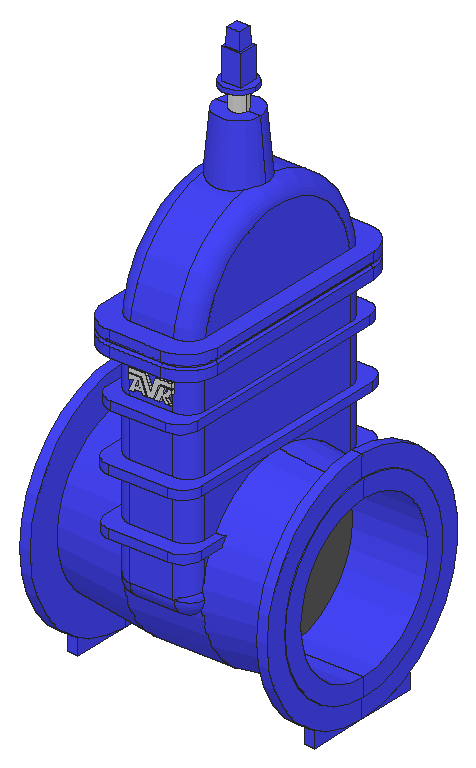
Revit family "02-75-006 DN350 Increased Bore", category Pipe Accessories, Revit 2022
Family settings
  Round Connector Dimension = Use Diameter
  Part Type = Valve - Breaks Into
  Work Plane-Based = No
  Always vertical = Yes
  Cut with Voids When Loaded = No
  Shared = No
Parameters (values of type "DN350_PN16")
  Stand_Rib_W = (H3 - H) * 0.5  # 130 mm
  Logo height = Body_H * 0.85  # 412.25 mm
  L/2 = L / 2  # 275 mm
  FL_R = Body_FL_W * 0.55  # 68.75 mm
  disk_T = Rib_W * 1.1  # 108.79 mm
  URL_product_pages = "https://www.avkvalves.com/P.aspx?no=0204075514649003"
  Stem_cap_dia = size_lookup(Search_table, "Stem_cap_dia", 0 mm, DN)  # 75 mm
  Stem_cap_H = size_lookup(Search_table, "Stem_cap_H", 0 mm, DN)  # 115 mm
  Stem_R = Stem_cap_dia * 0.55  # 41.25 mm
  Search_table = "02-75-006 DN350 Increased Bore"
  Rib_W = Body_W * 1.15  # 98.9 mm
  Rib_T = FL_T * 0.35  # 9.45 mm
  Rib_L = Body_L * 1.15  # 273.7 mm
  Rib_H = Body_H * 0.26  # 126.1 mm
  Reduced_dim1 = Body_W * 1.1  # 94.6 mm
  Increased_dim = (H3 - H) * 0.8  # 208 mm
  Raised_dis = size_lookup(Search_table, "Raised_dis", 0 mm, DN)  # 4 mm
  Raised_Dia = size_lookup(Search_table, "Raised_Dia", 0 mm, DN) / 2  # 214.5 mm
  Nut = Bonnet_dim2 * 0.85  # 41.667 mm
  L = size_lookup(Search_table, "L", 0 mm, DN)  # 550 mm
  H3-H = size_lookup(Search_table, "H3-H", 0 mm, DN)  # 260 mm
  H3 = size_lookup(Search_table, "H3", 0 mm, DN)  # 1265 mm
  H1 = (H - Stem_cap_H) * 0.95  # 845.5 mm
  H = size_lookup(Search_table, "H", 0 mm, DN)  # 1005 mm
  FL_T = size_lookup(Search_table, "FL_T", 0 mm, DN)  # 27 mm
  F22 = size_lookup(Search_table, "F22", 0 mm, DN)  # 55 mm
  F2 = size_lookup(Search_table, "F2", 0 mm, DN)  # 38 mm
  F11 = size_lookup(Search_table, "F11", 0 mm, DN)  # 37 mm
  F1 = size_lookup(Search_table, "F1", 0 mm, DN) / 2  # 15 mm
  F0 = size_lookup(Search_table, "F0", 0 mm, DN)  # 32 mm
  F = size_lookup(Search_table, "F", 0 mm, DN) / 2  # 14 mm
  Description_ = "AVK GATE VALVE, FLANGED, PN10/16"
  Default Elevation = 0 mm
  DN350_PN16 = "02-450-75-514640003"
  DN350_PN10 = "02-450-75-504640003"
  DN = 350.1 mm
  Bore = DN / 2  # 175.05 mm
  Bonnet_dim2 = Bonnet_dim1 * 0.6  # 49.02 mm
  Bonnet_dim1 = Body_W * 0.95  # 81.7 mm
  Body_W = size_lookup(Search_table, "Body_W", 0 mm, DN) / 2  # 86 mm
  Body_T = size_lookup(Search_table, "Body_T", 0 mm, DN)  # 13 mm
  Body_R = Body_W * 0.45  # 38.7 mm
  Body_L = size_lookup(Search_table, "Body_L", 0 mm, DN) / 2  # 238 mm
  Body_H = size_lookup(Search_table, "Body_H", 0 mm, DN)  # 485 mm
  Body_FL_W = size_lookup(Search_table, "Body_FL_W", 0 mm, DN) / 2  # 125 mm
  Body_FL_T = size_lookup(Search_table, "Body_FL_T", 0 mm, DN)  # 55 mm
  Body_FL_L = size_lookup(Search_table, "Body_FL_L", 0 mm, DN) / 2  # 282 mm
  5 = 5 mm  # constant formula
  1 = 1 mm  # constant formula
Types (3, lengths in mm): name | Rib_T | FL_T | DN | Bore
  (no name) | 9.45 | 27 | 350.1 | 175.05
  DN350_PN10 | 8.75 | 25 | 350 | 175
  DN350_PN16 | 9.45 | 27 | 350.1 | 175.05
Reference planes
  plane 1 "Center (Front/Back)": y = 0
  plane 2: z = 0
  plane 3 "Center (Left/Right)": x = 0
  plane 4: x = -275
  plane 5: x = 275
  plane 6: z = 175.05
  plane 7: z = -175.05
  plane 8: y = 175.05
  plane 9: y = -175.05
  plane 10: y = 260
  plane 11: z = 485
  plane 12: y = 238
  plane 13: y = 199.3
  plane 14: y = -199.3
  plane 15: z = 358.9
  plane 16: z = 232.8
  plane 17: z = 106.7
  plane 18: z = 1005
  plane 19: z = 890
  plane 20: z = 967
  plane 21: z = 845.5
  plane 22: z = -260
  plane 23: x = -14
  plane 24: x = 14
  plane 25: x = -15
  plane 26: x = 15
  plane 27: z = 260
  plane 28: y = -238
Forms (mm)
  Revolve 1, solid, material "Laminate, Blue, Matte"
    sketch origin (0, 0, 0) x (1, 0, 0) y (0, 0, 1)
      loop
        line (275, 175.05) -> (275, 214.5) -> (271, 214.5) -> (271, 260) -> (248, 260) -> (248, 188.05) -> (86, 208) -> (-86, 208) -> (-248, 188.05) -> (-248, 260) -> (-271, 260) -> (-271, 214.5) -> (-275, 214.5) -> (-275, 175.05) -> (275, 175.05)
      axis (275, 0) -> (-275, 0)
    angle from 0 to 360
  Extrusion 2, solid, material "Laminate, Blue, Matte"
    sketch origin (0, 0, 0) x (1, 0, 0) y (0, 1, 0)
      loop
        arc (-47.3, 238) -> (-74.665, 226.665) -> (-86, 199.3) r 38.7
        line (-86, 199.3) -> (-86, -199.3)
        arc (-86, -199.3) -> (-74.665, -226.665) -> (-47.3, -238) r 38.7
        line (-47.3, -238) -> (47.3, -238)
        arc (47.3, -238) -> (74.665, -226.665) -> (86, -199.3) r 38.7
        line (86, -199.3) -> (86, 199.3)
        arc (86, 199.3) -> (74.665, 226.665) -> (47.3, 238) r 38.7
        line (47.3, 238) -> (-47.3, 238)
    from 0 to 485
  Revolve 3, solid, material "Laminate, Blue, Matte"
    sketch origin (0, 0, 0) x (1, 0, 0) y (0, 1, 0)
      loop
        arc (-47.3, 238) -> (-74.665, 226.665) -> (-86, 199.3) r 38.7
        line (-86, 199.3) -> (96.45, 199.3)
        arc (96.45, 199.3) -> (85.115, 226.665) -> (57.75, 238) r 38.7
        line (57.75, 238) -> (-47.3, 238)
      axis (-86, 199.3) -> (96.45, 199.3)
    angle from 360 to 0
  Revolve 4, solid, material "Laminate, Blue, Matte"
    sketch origin (0, 0, 0) x (1, 0, 0) y (0, 1, 0)
      loop
        arc (-86, -199.3) -> (-74.665, -226.665) -> (-47.3, -238) r 38.7
        line (-47.3, -238) -> (50.875, -238)
        arc (50.875, -238) -> (78.24, -226.665) -> (89.575, -199.3) r 38.7
        line (89.575, -199.3) -> (-86, -199.3)
      axis (-86, -199.3) -> (89.575, -199.3)
    angle from 360 to 0
  Extrusion 5, solid, material "Aluminum 1100-O"
    sketch origin (0, 0, 0) x (0, 1, 0) y (0, 0, 1)
      loop
        circle (0, 0) r 175.05
    from -108.79 to 108.79
  Extrusion 6, solid, material "Laminate, Blue, Matte"
    sketch origin (-870.12, -1524, 485) x (-1, 0, 0) y (0, -1, 0)
      loop
        arc (-813.87, -1806) -> (-765.256, -1785.864) -> (-745.12, -1737.25) r 68.75
        line (-745.12, -1737.25) -> (-745.12, -1310.75)
        arc (-745.12, -1310.75) -> (-765.256, -1262.136) -> (-813.87, -1242) r 68.75
        line (-813.87, -1242) -> (-926.37, -1242)
        arc (-926.37, -1242) -> (-974.983, -1262.136) -> (-995.12, -1310.75) r 68.75
        line (-995.12, -1310.75) -> (-995.12, -1737.25)
        arc (-995.12, -1737.25) -> (-974.983, -1785.864) -> (-926.37, -1806) r 68.75
        line (-926.37, -1806) -> (-813.87, -1806)
    from -27 to 27
  Sweep 7, void
    path in 3D
      loop
        arc (-56.25, 282, 512) -> (-104.864, 261.864, 512) -> (-125, 213.25, 512) r 68.75
        line (-125, 213.25, 512) -> (-125, -213.25, 512)
        arc (-125, -213.25, 512) -> (-104.864, -261.864, 512) -> (-56.25, -282, 512) r 68.75
        line (-56.25, -282, 512) -> (56.25, -282, 512)
        arc (56.25, -282, 512) -> (104.864, -261.864, 512) -> (125, -213.25, 512) r 68.75
        line (125, -213.25, 512) -> (125, 213.25, 512)
        arc (125, 213.25, 512) -> (104.864, 261.864, 512) -> (56.25, 282, 512) r 68.75
        line (56.25, 282, 512) -> (-56.25, 282, 512)
    profile origin (0, 282, 512) x (0, -1, 0) y (0, 0, 1)
      loop
        circle (0, -27) r 5
  Extrusion 8, solid, material "Laminate, Blue, Matte"
    sketch origin (-437.602, -1524, 358.9) x (-1, 0, 0) y (0, -1, 0)
      loop
        arc (-377.402, -1797.7) -> (-350.037, -1786.365) -> (-338.702, -1759) r 38.7
        line (-338.702, -1759) -> (-338.702, -1289)
        arc (-338.702, -1289) -> (-350.037, -1261.635) -> (-377.402, -1250.3) r 38.7
        line (-377.402, -1250.3) -> (-497.802, -1250.3)
        arc (-497.802, -1250.3) -> (-525.167, -1261.635) -> (-536.502, -1289) r 38.7
        line (-536.502, -1289) -> (-536.502, -1759)
        arc (-536.502, -1759) -> (-525.167, -1786.365) -> (-497.802, -1797.7) r 38.7
        line (-497.802, -1797.7) -> (-377.402, -1797.7)
    from -9.45 to 9.45
  Extrusion 9, solid, material "Laminate, Blue, Matte"
    sketch origin (-437.602, -1524, 232.8) x (-1, 0, 0) y (0, -1, 0)
      loop
        line (-504.152, -1797.7) -> (-372.852, -1797.7)
        arc (-372.852, -1797.7) -> (-344.691, -1786.036) -> (-333.027, -1757.875) r 39.825
        line (-333.027, -1757.875) -> (-333.027, -1288.325)
        arc (-333.027, -1288.325) -> (-344.691, -1260.164) -> (-372.852, -1248.5) r 39.825
        line (-372.852, -1248.5) -> (-502.352, -1248.5)
        arc (-502.352, -1248.5) -> (-531.785, -1260.692) -> (-543.977, -1290.125) r 41.625
        line (-543.977, -1290.125) -> (-543.977, -1757.875)
        arc (-543.977, -1757.875) -> (-532.312, -1786.036) -> (-504.152, -1797.7) r 39.825
    from -9.45 to 9.45
  Extrusion 10, solid, material "Laminate, Blue, Matte"
    sketch origin (-437.602, -1524, 106.7) x (-1, 0, 0) y (0, -1, 0)
      loop
        arc (-377.402, -1797.7) -> (-350.037, -1786.365) -> (-338.702, -1759) r 38.7
        line (-338.702, -1759) -> (-338.702, -1282.65)
        arc (-338.702, -1282.65) -> (-348.704, -1258.502) -> (-372.852, -1248.5) r 34.15
        line (-372.852, -1248.5) -> (-502.352, -1248.5)
        arc (-502.352, -1248.5) -> (-531.785, -1260.692) -> (-543.977, -1290.125) r 41.625
        line (-543.977, -1290.125) -> (-543.977, -1756.075)
        arc (-543.977, -1756.075) -> (-531.785, -1785.508) -> (-502.352, -1797.7) r 41.625
        line (-502.352, -1797.7) -> (-377.402, -1797.7)
    from -9.45 to 9.45
  Revolve 11, solid, material "Laminate, Blue, Matte"
    sketch origin (-870.12, -1524, 485) x (-1, 0, 0) y (0, -1, 0)
      loop
        line (-917.42, -1762) -> (-822.82, -1762)
        arc (-822.82, -1762) -> (-795.455, -1750.665) -> (-784.12, -1723.3) r 38.7
        line (-784.12, -1723.3) -> (-784.12, -1524) -> (-956.12, -1524) -> (-956.12, -1723.3)
        arc (-956.12, -1723.3) -> (-944.785, -1750.665) -> (-917.42, -1762) r 38.7
      axis (-784.12, -1524) -> (-956.12, -1524)
    angle from 360 to 180
  Extrusion 12, solid, material "Laminate, Blue, Matte"
    sketch origin (-569.469, -1524, 890) x (-1, 0, 0) y (0, -1, 0)
      loop
        circle (-569.469, -1524) r 37.5
    from 0 to 9.45
  Blend 13, solid, material "Laminate, Blue, Matte"
    base sketch origin (-1510.49, -1524, 1005) x (-1, 0, 0) y (0, -1, 0)
      loop
        line (-1496.49, -1538) -> (-1496.49, -1510) -> (-1524.49, -1510) -> (-1524.49, -1538) -> (-1496.49, -1538)
    top sketch origin (-1510.49, -1524, 1005) x (-1, 0, 0) y (0, -1, 0)
      loop
        line (-1495.49, -1539) -> (-1495.49, -1509) -> (-1525.49, -1509) -> (-1525.49, -1539) -> (-1495.49, -1539)
    from 0 to -38
  Extrusion 14, solid, material "Laminate, Blue, Matte"
    sketch origin (-141.54, -1524, 967) x (-1, 0, 0) y (0, -1, 0)
      loop
        line (-120.915, -1544.625) -> (-120.915, -1503.375) -> (-162.165, -1503.375) -> (-162.165, -1544.625) -> (-120.915, -1544.625)
    from -67.55 to 0
  Revolve 15, solid, material "Laminate, Blue, Matte"
    sketch origin (0, 0, 0) x (1, 0, 0) y (0, 0, 1)
      loop
        line (0, 845.5) -> (0, 485) -> (81.7, 485) -> (49.02, 845.5) -> (0, 845.5)
      axis (0, 485) -> (0, 845.5)
    angle from 360 to 0
  Extrusion 16, solid, material "Default Wall"
    sketch origin (-141.54, -1524, 967) x (-1, 0, 0) y (0, -1, 0)
      loop
        circle (-141.54, -1524) r 18.5
    from -77 to -202
  Extrusion 17, solid
    sketch origin (-476.651, 238, 1190.809) x (-1, 0, 0) y (0, 0, 1)
      loop
        line (-431.651, -764.059) -> (-467.036, -764.059) -> (-479.513, -794.942) -> (-490.754, -764.059) -> (-525.754, -764.059) -> (-525.754, -774.059) -> (-497.464, -774.059) -> (-484.872, -808.655) -> (-472.939, -808.655) -> (-458.961, -774.059) -> (-431.651, -774.059) -> (-431.651, -764.059)
      loop
        line (-431.651, -776.204) -> (-456.615, -776.204) -> (-469.727, -808.655) -> (-460.26, -808.655) -> (-458.362, -803.957) -> (-443.362, -803.957) -> (-441.651, -808.655) -> (-431.651, -808.655) -> (-441.651, -786.357) -> (-431.651, -786.357) -> (-431.651, -776.204)
      loop
        line (-488.042, -808.655) -> (-500.6, -777.574) -> (-510.6, -777.574) -> (-506.552, -788.695)
        arc (-506.552, -788.695) -> (-513.466, -786.575) -> (-516.527, -780.024) r 8.907
        line (-516.527, -780.024) -> (-516.527, -777.059) -> (-525.754, -777.059) -> (-525.754, -786.357) -> (-522.063, -786.357)
        arc (-522.063, -786.357) -> (-519.317, -792.988) -> (-512.686, -795.734) r 9.377
        line (-512.686, -795.734) -> (-522.074, -808.655) -> (-511.016, -808.655) -> (-503.202, -797.901) -> (-498.856, -808.655) -> (-488.042, -808.655)
      loop
        line (-450.47, -784.426) -> (-455.095, -795.872) -> (-446.304, -795.872) -> (-450.47, -784.426)
    from -476 to -481
  Extrusion 18, solid, material "Laminate, Blue, Matte"
    sketch origin (0, 0, 0) x (0, 1, 0) y (0, 0, 1)
      loop
        arc (130, -225.167) -> (67.293, -251.141) -> (0, -260) r 260
        line (0, -260) -> (130, -260) -> (130, -225.167)
    from 248 to 271
  Extrusion 19, solid, material "Laminate, Blue, Matte"
    sketch origin (0, 0, 0) x (0, 1, 0) y (0, 0, 1)
      loop
        line (-130, -225.167) -> (-130, -260) -> (0, -260)
        arc (0, -260) -> (-67.293, -251.141) -> (-130, -225.167) r 260
    from 248 to 271
  Extrusion 20, solid, material "Laminate, Blue, Matte"
    sketch origin (0, 0, 0) x (0, 1, 0) y (0, 0, 1)
      loop
        line (130, -260) -> (130, -225.167)
        arc (130, -225.167) -> (67.293, -251.141) -> (0, -260) r 260
        line (0, -260) -> (130, -260)
    from -271 to -248
  Extrusion 21, solid, material "Laminate, Blue, Matte"
    sketch origin (0, 0, 0) x (0, 1, 0) y (0, 0, 1)
      loop
        arc (0, -260) -> (-67.293, -251.141) -> (-130, -225.167) r 260
        line (-130, -225.167) -> (-130, -260) -> (0, -260)
    from -271 to -248
Cuts and joins
  Sweep 7 cuts Extrusion 6
Lines and regions (mm)
  sketch lines
    curve 1: line (56.25, 282, 512) -> (-56.25, 282, 512)
    curve 2: arc (56.25, 282, 512) -> (104.864, 261.864, 512) -> (125, 213.25, 512) r 68.75
    curve 3: line (125, -213.25, 512) -> (125, 213.25, 512)
    curve 4: arc (125, -213.25, 512) -> (104.864, -261.864, 512) -> (56.25, -282, 512) r 68.75
    curve 5: line (-56.25, -282, 512) -> (56.25, -282, 512)
    curve 6: arc (-56.25, -282, 512) -> (-104.864, -261.864, 512) -> (-125, -213.25, 512) r 68.75
    curve 7: line (-125, 213.25, 512) -> (-125, -213.25, 512)
    curve 8: arc (-125, 213.25, 512) -> (-104.864, 261.864, 512) -> (-56.25, 282, 512) r 68.75
Dimensions and locks
  equal spacing: plane 6, level, plane 7
  "Bore": plane 6 to level
  equal spacing: plane 9, plane 1 "Center (Front/Back)", plane 8
  equal spacing: plane 4, plane 3 "Center (Left/Right)", plane 5
  "Bore": plane 1 "Center (Front/Back)" to plane 8
  "H3-H": plane 1 "Center (Front/Back)" to plane 10
  "H3-H": level to Revolve 1 sketch curve
  "Raised_Dia": level to Revolve 1 sketch curve
  "Raised_dis": plane 5 to Revolve 1 sketch curve
  "FL_T": plane 5 to Revolve 1 sketch curve
  "Raised_dis": Revolve 1 sketch curve to plane 4
  "FL_T": Revolve 1 sketch curve to plane 4
  equal spacing: Extrusion 2 sketch curve, plane 3 "Center (Left/Right)", Extrusion 2 sketch curve
  equal spacing: Extrusion 2 sketch curve, plane 1 "Center (Front/Back)", Extrusion 2 sketch curve
  "Body_L": plane 1 "Center (Front/Back)" to Extrusion 2 sketch curve
  "Body_W": plane 3 "Center (Left/Right)" to Extrusion 2 sketch curve
  "Body_H": plane 11 to level
  "Body_L": plane 1 "Center (Front/Back)" to plane 12
  "Body_R": plane 12 to plane 13
  equal spacing: plane 14, plane 1 "Center (Front/Back)", plane 13
  equal spacing: Extrusion 5 sketch curve, plane 1 "Center (Front/Back)", Extrusion 5 sketch curve
  equal spacing: Extrusion 5 sketch curve, level, Extrusion 5 sketch curve
  equal spacing: Extrusion 5, plane 3 "Center (Left/Right)", Extrusion 5
  "disk_T": plane 3 "Center (Left/Right)" to Extrusion 5
  equal spacing: Extrusion 6 sketch curve, plane 3 "Center (Left/Right)", Extrusion 6 sketch curve
  equal spacing: Extrusion 6 sketch curve, plane 1 "Center (Front/Back)", Extrusion 6 sketch curve
  "Body_FL_W": plane 3 "Center (Left/Right)" to Extrusion 6 sketch curve
  "Body_FL_L": plane 1 "Center (Front/Back)" to Extrusion 6 sketch curve
  equal spacing: Extrusion 6, plane 11, Extrusion 6
  "FL_T": Extrusion 6 to plane 11
  equal spacing: Sweep 7 sketch curve, plane 11, Sweep 7 sketch curve
  "5": Sweep 7 sketch curve to profile plane
  "Rib_H": plane 11 to plane 15
  "Rib_H": plane 15 to plane 16
  "Rib_H": plane 16 to plane 17
  equal spacing: Extrusion 8 sketch curve, plane 3 "Center (Left/Right)", Extrusion 8 sketch curve
  equal spacing: Extrusion 8 sketch curve, plane 1 "Center (Front/Back)", Extrusion 8 sketch curve
  "Rib_W": plane 3 "Center (Left/Right)" to Extrusion 8 sketch curve
  "Rib_L": plane 1 "Center (Front/Back)" to Extrusion 8 sketch curve
  equal spacing: Extrusion 8, plane 15, Extrusion 8
  "Rib_T": Extrusion 8 to plane 15
  equal spacing: Extrusion 9, plane 16, Extrusion 9
  "Rib_T": Extrusion 9 to plane 16
  equal spacing: Extrusion 10, plane 17, Extrusion 10
  "Rib_T": Extrusion 10 to plane 17
  "H": plane 18 to level
  "Stem_cap_H": plane 18 to plane 19
  equal spacing: Extrusion 12 sketch curve, plane 3 "Center (Left/Right)", Extrusion 12 sketch curve
  equal spacing: Extrusion 12 sketch curve, plane 1 "Center (Front/Back)", Extrusion 12 sketch curve
  "Rib_T": Extrusion 12 to plane 19
  "F2": plane 18 to plane 20
  equal spacing: Blend 13 sketch curve, plane 3 "Center (Left/Right)", Blend 13 sketch curve  (x2)
  equal spacing: Blend 13 sketch curve, plane 1 "Center (Front/Back)", Blend 13 sketch curve  (x2)
  "F": Blend 13 sketch curve to plane 3 "Center (Left/Right)"
  "F": plane 1 "Center (Front/Back)" to Blend 13 sketch curve
  "F1": Blend 13 sketch curve to plane 3 "Center (Left/Right)"
  "F1": Blend 13 sketch curve to plane 1 "Center (Front/Back)"
  equal spacing: Extrusion 14 sketch curve, plane 3 "Center (Left/Right)", Extrusion 14 sketch curve
  equal spacing: Extrusion 14 sketch curve, plane 1 "Center (Front/Back)", Extrusion 14 sketch curve
  "Stem_R": Extrusion 14 sketch curve to Extrusion 14 sketch curve  (x2)
  "Bonnet_dim1": Revolve 15 sketch curve to plane 3 "Center (Left/Right)"
  equal spacing: Extrusion 16 sketch curve, plane 3 "Center (Left/Right)", Extrusion 16 sketch curve
  equal spacing: Extrusion 16 sketch curve, plane 1 "Center (Front/Back)", Extrusion 16 sketch curve
  "H1": plane 21 to level
  "Bonnet_dim2": Revolve 15 sketch curve to plane 3 "Center (Left/Right)"
  "Body_L": plane 1 "Center (Front/Back)" to Revolve 11 sketch curve
  equal spacing: Revolve 11 sketch curve, plane 3 "Center (Left/Right)", Revolve 11 sketch curve
  "Body_W": Revolve 11 sketch curve to plane 3 "Center (Left/Right)"
  "H3-H": level to plane 22
  plane 18 to plane 22 = 1265 mm
  equal spacing: plane 24, plane 3 "Center (Left/Right)", plane 23
  equal spacing: plane 26, plane 3 "Center (Left/Right)", plane 25
  "F": plane 3 "Center (Left/Right)" to plane 23
  plane 24 to plane 23 = 28 mm
  "F1": plane 3 "Center (Left/Right)" to plane 25
  plane 26 to plane 25 = 30 mm
  "H3-H": plane 27 to level
  plane 27 to plane 22 = 520 mm
  "Body_L": plane 1 "Center (Front/Back)" to plane 28
  "5": plane 28 to Extrusion 17
  equal spacing: plane 5, plane 3 "Center (Left/Right)", plane 4
  "L/2": plane 5 to plane 3 "Center (Left/Right)"
  plane 5 to plane 4 = 550 mm
  "Stand_Rib_W": Extrusion 18 sketch curve to plane 1 "Center (Front/Back)"
  "Stand_Rib_W": plane 1 "Center (Front/Back)" to Extrusion 19 sketch curve
  level to Extrusion 20 = 260 mm
  "Body_T": Revolve 1 sketch curve to plane 6  (x2)
  equal spacing: Revolve 1 sketch curve, plane 3 "Center (Left/Right)", Revolve 1 sketch curve
  "Body_W": plane 3 "Center (Left/Right)" to Revolve 1 sketch curve
  "Increased_dim": Revolve 1 sketch curve to level
  "Body_R": radius of Extrusion 2 sketch curve  (x4)
  "Bore": radius of Extrusion 5 sketch curve
  "FL_R": radius of Extrusion 6 sketch curve  (x4)
  "5": radius of Sweep 7 sketch curve
  "Body_R": radius of Extrusion 8 sketch curve  (x4)
  "Stem_cap_dia": diameter of Extrusion 12 sketch curve
  "F11": diameter of Extrusion 16 sketch curve
  "Body_R": radius of Revolve 11 sketch curve  (x2)
  aligned and locked: level to plane 2
  aligned and locked: plane 2 to Revolve 1 sketch curve
  aligned and locked: Revolve 1 sketch curve to plane 6
  aligned and locked: Revolve 1 sketch curve to Revolve 1 sketch curve  (x2)
  aligned and locked: Revolve 1 sketch curve to plane 5
  aligned and locked: Revolve 1 sketch curve to plane 4
  aligned and locked: Extrusion 2 to level
  aligned and locked: plane 11 to Extrusion 2
  aligned and locked: Revolve 3 sketch curve to Extrusion 2  (x2)
  aligned and locked: Revolve 3 sketch curve to plane 13
  aligned and locked: Revolve 4 sketch curve to Extrusion 2  (x2)
  aligned and locked: plane 14 to Revolve 4 sketch curve
  aligned and locked: Extrusion 9 sketch curve to Extrusion 8
  aligned and locked: Extrusion 10 sketch curve to Extrusion 8
  aligned and locked: plane 1 "Center (Front/Back)" to Revolve 11 sketch curve
  aligned and locked: Blend 13 to plane 20
  aligned and locked: plane 18 to Blend 13
  aligned and locked: plane 20 to Extrusion 14
  aligned and locked: Revolve 15 sketch curve to plane 3 "Center (Left/Right)"
  aligned and locked: plane 3 "Center (Left/Right)" to Revolve 15 sketch curve
  aligned and locked: plane 19 to Extrusion 16
  aligned and locked: plane 21 to Revolve 15 sketch curve
  aligned and locked: Extrusion 17 to plane 28
  aligned and locked: Extrusion 18 sketch curve to Revolve 1
  aligned and locked: Extrusion 18 sketch curve to plane 22
  aligned and locked: Revolve 1 to Extrusion 18
  aligned and locked: Extrusion 18 to Revolve 1
  aligned and locked: Extrusion 19 sketch curve to Revolve 1
  aligned and locked: plane 22 to Extrusion 19 sketch curve
  aligned and locked: Extrusion 19 to Revolve 1
  aligned and locked: Revolve 1 to Extrusion 19
  aligned and locked: Extrusion 20 sketch curve to Extrusion 18  (x2)
  aligned and locked: Extrusion 20 sketch curve to Revolve 1
  aligned and locked: Extrusion 21 sketch curve to Revolve 1
  aligned and locked: Extrusion 21 sketch curve to Extrusion 19  (x2)
  aligned and locked: Revolve 1 to Extrusion 21
  aligned and locked: Extrusion 21 to Revolve 1
  aligned and locked: Extrusion 20 to Revolve 1  (x2)
Automatic sketch dimensions
  plane 26 to Revolve 3 sketch curve = 42.75 mm
  Revolve 3 sketch curve to Revolve 3 sketch curve = 30 mm  (x2)
  plane 26 to Revolve 4 sketch curve = 35.875 mm
  Revolve 4 sketch curve to Revolve 4 sketch curve = 45 mm  (x2)
  Extrusion 9 sketch curve to plane 28 = 4.125 mm
  plane 26 to Extrusion 9 sketch curve = 91.375 mm
  Extrusion 9 sketch curve to plane 12 = 4.125 mm  (x2)
  Extrusion 9 sketch curve to Extrusion 9 sketch curve = 41.625 mm
  Extrusion 9 sketch curve to plane 25 = 49.75 mm  (x2)
  plane 26 to Extrusion 10 sketch curve = 49.75 mm  (x2)
  Extrusion 10 sketch curve to plane 28 = 4.125 mm
  Extrusion 10 sketch curve to Extrusion 10 sketch curve = 41.625 mm
  Extrusion 10 sketch curve to plane 25 = 49.75 mm
  plane 26 to Extrusion 17 sketch curve = 34.102 mm
  Extrusion 17 sketch curve to Extrusion 17 sketch curve = 0 mm  (x3)
  Extrusion 17 sketch curve to Extrusion 17 sketch curve = 3.68 mm
  Extrusion 17 sketch curve to Extrusion 17 sketch curve = 3.691 mm
  Extrusion 17 sketch curve to Extrusion 17 sketch curve = 5.536 mm
  Extrusion 17 sketch curve to Extrusion 17 sketch curve = 3.841 mm
  Extrusion 17 sketch curve to Extrusion 17 sketch curve = 11.059 mm
  Extrusion 17 sketch curve to Extrusion 17 sketch curve = 5.927 mm
  Extrusion 17 sketch curve to Extrusion 17 sketch curve = 2.978 mm
  Extrusion 17 sketch curve to Extrusion 17 sketch curve = 9.485 mm
  Extrusion 17 sketch curve to Extrusion 17 sketch curve = 7.022 mm
  plane 26 to Extrusion 17 sketch curve = 7.205 mm
  Extrusion 17 sketch curve to Extrusion 17 sketch curve = 3.136 mm
  plane 24 to Extrusion 17 sketch curve = 0.102 mm
  Extrusion 17 sketch curve to plane 24 = 2.609 mm
  Extrusion 17 sketch curve to Extrusion 17 sketch curve = 3.171 mm
  plane 3 "Center (Left/Right)" to Extrusion 17 sketch curve = 2.862 mm
  Extrusion 17 sketch curve to plane 3 "Center (Left/Right)" = 3.713 mm
  Extrusion 17 sketch curve to Extrusion 17 sketch curve = 3.212 mm
  plane 23 to Extrusion 17 sketch curve = 4.384 mm
  Extrusion 17 sketch curve to plane 25 = 1.392 mm
  Extrusion 17 sketch curve to plane 25 = 2.691 mm
  Extrusion 17 sketch curve to plane 25 = 3.29 mm
  Extrusion 17 sketch curve to Extrusion 17 sketch curve = 2.345 mm
  Extrusion 17 sketch curve to plane 25 = 6.557 mm
  Extrusion 17 sketch curve to Extrusion 17 sketch curve = 6.145 mm
  Extrusion 17 sketch curve to Extrusion 17 sketch curve = 8.791 mm
  Extrusion 17 sketch curve to Extrusion 17 sketch curve = 2.943 mm
  Extrusion 17 sketch curve to Extrusion 17 sketch curve = 1.71 mm
  Extrusion 17 sketch curve to Extrusion 17 sketch curve = 8.819 mm
  Extrusion 17 sketch curve to Extrusion 17 sketch curve = 10 mm  (x4)
  Extrusion 17 sketch curve to Extrusion 17 sketch curve = 9.515 mm
  Extrusion 17 sketch curve to Extrusion 17 sketch curve = 2.167 mm
  Extrusion 17 sketch curve to Extrusion 17 sketch curve = 8.085 mm
  Extrusion 17 sketch curve to Extrusion 17 sketch curve = 12.921 mm
  Extrusion 17 sketch curve to Extrusion 17 sketch curve = 4.698 mm  (x2)
  Extrusion 17 sketch curve to Extrusion 17 sketch curve = 10.755 mm
  Extrusion 17 sketch curve to Extrusion 17 sketch curve = 13.713 mm
  Extrusion 17 sketch curve to Extrusion 17 sketch curve = 3 mm
  Extrusion 17 sketch curve to Extrusion 17 sketch curve = 2.145 mm
  Extrusion 20 sketch curve to plane 1 "Center (Front/Back)" = 0 mm
  Extrusion 21 sketch curve to plane 1 "Center (Front/Back)" = 0 mm
  Revolve 1 sketch curve to plane 25 = 53.796 mm
  plane 5 to Revolve 1 sketch curve = 60 mm
  plane 1 "Center (Front/Back)" to Revolve 11 sketch curve = 0 mm
  Revolve 11 sketch curve to plane 5 = 65 mm
  plane 26 to Revolve 11 sketch curve = 11.296 mm
  Revolve 15 sketch curve to plane 11 = 0 mm
  plane 11 to Revolve 15 sketch curve = 100 mm
  Extrusion 18 sketch curve to plane 1 "Center (Front/Back)" = 0 mm
  Extrusion 19 sketch curve to plane 1 "Center (Front/Back)" = 0 mm
  Revolve 15 sketch curve to Revolve 15 sketch curve = 54.08 mm
  Extrusion 17 sketch curve to Extrusion 17 sketch curve = 6.134 mm
  plane 15 to Extrusion 17 sketch curve = 23.254 mm  (x2)
  Extrusion 17 sketch curve to Extrusion 17 sketch curve = 2.338 mm
  Extrusion 17 sketch curve to Extrusion 17 sketch curve = 1.932 mm
  Extrusion 17 sketch curve to Extrusion 17 sketch curve = 6.333 mm
  Extrusion 17 sketch curve to Extrusion 17 sketch curve = 2.279 mm
  Extrusion 17 sketch curve to Extrusion 17 sketch curve = 9.298 mm
  Extrusion 17 sketch curve to Extrusion 17 sketch curve = 8.222 mm
Connectors
  piping at (-275, 0, 0), diameter 350.1, driven by "DN"
    settings: on Revolve 1, index 1, connector inside diameter 609.6 mm, connector length 0 mm, flow factor 0, pipe flow 0.0 L/s, pressure drop 0.0 Pa, fitting loss kfactor 0, connector angle 0.00°, fixture units 0, engagement length 0 mm, angle of deflection 0.00°, flow configuration 0, flow direction 0, fitting loss method 0, system type 7, joint type 0, gender type 0, connector reference index -1, connector utility 0, adjustable connector no, is connector primary yes, connector description ""
  piping at (275, 0, 0), diameter 350.1, driven by "DN"
    settings: on Revolve 1, index 2, connector inside diameter 609.6 mm, connector length 0 mm, flow factor 0, pipe flow 0.0 L/s, pressure drop 0.0 Pa, fitting loss kfactor 0, connector angle 0.00°, fixture units 0, engagement length 0 mm, angle of deflection 0.00°, flow configuration 0, flow direction 0, fitting loss method 0, system type 7, joint type 0, gender type 0, connector reference index -1, connector utility 0, adjustable connector no, is connector primary no, connector description ""
